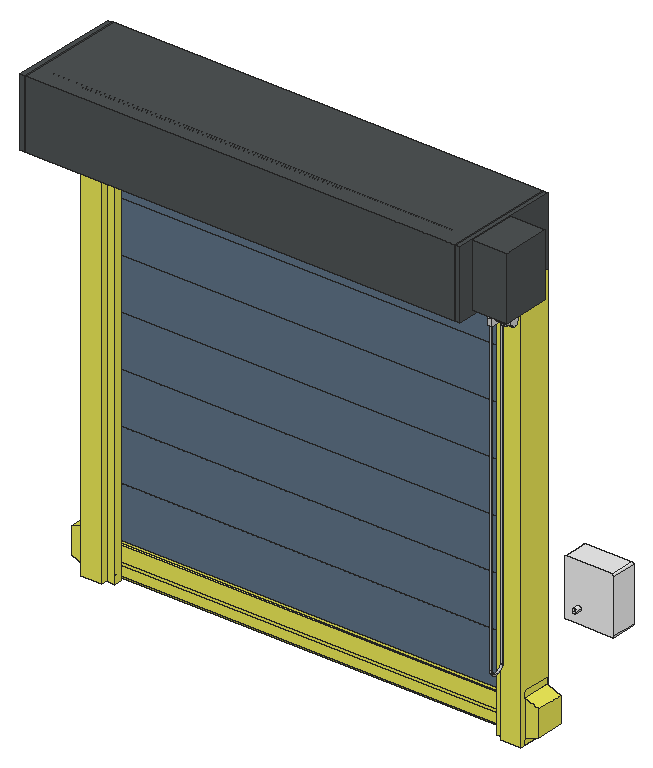
Revit family "High-Speed-Freezer-and-Cooler-Door_OHD_Model-997_compact", category Specialty Equipment, host Wall, Revit 2023
Family settings
  Host = Wall
  Round Connector Dimension = Use Diameter
  Part Type = Normal
  OmniClass Number = 23.30.10.21.34
  OmniClass Title = Industrial Doors
  Enable Cutting in Views = No
  Always vertical = Yes
  Cut with Voids When Loaded = No
  Maintain Annotation Orientation = No
  Shared = No
  Room Calculation Point = No
Parameters (values of type "230 volts, three phase, 60 Hz (208-245V range)")
  Voltage Option = if(Voltage = 230 V, 1, if(Voltage = 460 V, 2, 3))  # 1
  Version = "1.00.01"  # constant formula
  True Width [instance] = [Door Width (Real)]  # 10' - 0"
  True Height [instance] = [Door Height (Real)]  # 10' - 0"
  Slat Height = 1' - 4"  # constant formula
  Product Page URL = "https://www.overheaddoor.com/high-speed-doors-997"
  Powder Coat (Note) = "PowderGuard® Premium powder coat options are available in approximately 200 colors as well as custom matching to specification. "  # constant formula
  Panel Material [instance] = Insulated Vinyl - Overhead Door - Blue
  Panel Length [instance] = [Door Width (Real)] + 0' 5"  # 10' - 5"
  Motor Cover [instance] = yes
  Hood Material = Metal - Overhead Door - Black
  Headroom Height [instance] = if(and([Door Height (Real)] > 8' 0", Air Curtain Option < 3), 3' 6", 3' 0")  # 3' - 6"
  External Transformer [instance] = if(Air Curtain Option = 2, 1 = 1, 1 = 2)  # no
  Door Width (Real) [instance] = if(Door Width > Max Door Width, Max Door Width, if(Door Width < Min Door Width, Min Door Width, Door Width))  # 10' - 0"
  Door Height (Real) [instance] = if(Door Height > Max Door Height, Max Door Height, if(Door Height < Min Door Height, Min Door Height, Door Height))  # 10' - 0"
  Rough Width [instance] = [Door Width (Real)]  # 10' - 0"
  Rough Height [instance] = [Door Height (Real)] - 0' 10 1/2"  # 9' - 1 1/2"
  Opening Width [instance] = Rough Width  # 10' - 0"
  Opening Height [instance] = Rough Height  # 9' - 1 1/2"
  Voltage = 230 V
  URL = "https://www.overheaddoor.com/"
  Product data url = "https://www.bimobject.com/overhead-door/product/high-speed-freezer-and-cooler-door-997"
  Product Guid = "a3f41e05-2add-4918-b262-bbceaf8db0d3"
  Power Factor = 1
  Number of Poles = 3
  Model = "997"  # constant formula
  Min Door Width [instance] = 4' - 0"  # constant formula
  Min Door Height [instance] = 4' - 0"  # constant formula
  Max Door Width [instance] = 12' - 0"  # constant formula
  Max Door Height [instance] = 18' - 0"  # constant formula
  Manufacturer = "Overhead Door Corporation"  # constant formula
  Frequency = 60 Hz  # constant formula
  Wall Closure = By host
  Floor To (CL) of Shaft [instance] = [Door Height (Real)] + Headroom Height - 0' 5 59/128"  # 13' - 0 69/128"
  Default Elevation = 0' - 0"
  Date Updated = "2026/05/29"  # constant formula
  BimObject_Variable_Connectors = "No"  # constant formula
  Apparent Load Phase 3 [instance] = if(Number of Poles = 1, 0 VA, (Voltage * Current * sqrt(3)) / 3)  # 10623.2 VA
  Apparent Load Phase 2 [instance] = if(Number of Poles = 1, 0 VA, (Voltage * Current * sqrt(3)) / 3)  # 10623.2 VA
  Apparent Load Phase 1 [instance] = if(Number of Poles = 1, Voltage * Current, (Voltage * Current * sqrt(3)) / 3)  # 10623.2 VA
  Air Curtain Option [instance] = 1
  Additional Current W/O Air Curtain = if(Voltage = 460 V, 15 A, 20 A)  # 20 A
  Connector Description = "Rapidflex Large Control Panel"  # constant formula
  Finish Material = Finish - Overhead Door - Yellow
  Door Width [instance] = 10' - 0"
  Door Height [instance] = 10' - 0"
  Description = "RapidFreeze® Model 997 is an interior fabric high speed freezer and cooler door that features an insulated curtain to prevent heat loss and condensation in settings where temperatures vary greatly on either side of the door opening."  # constant formula
  Current [instance] = if(and(Voltage Option = 1, Air Curtain Option < 3), [Additional Current W/O Air Curtain] + 60 A, if(and(Voltage Option = 2, or(Air Curtain Option = 1, Air Curtain Option < 1)), [Additional Current W/O Air Curtain] + 30 A, if(and(Voltage Option = 2, Air Curtain Option = 2), [Additional Current W/O Air Curtain] + 60 A, if(and(Voltage Option = 3, or(Air Curtain Option = 1, Air Curtain Option < 1)), [Additional Current W/O Air Curtain] + 15 A, if(and(Voltage Option = 3, Air Curtain Option = 2), [Additional Current W/O Air Curtain] + 60 A, [Additional Current W/O Air Curtain])))))  # 80 A
  Backroom Depth [instance] = 2' - 10 1/2"  # constant formula
  Array [instance] = roundup((Rough Height + Headroom Height - 1' 9 41/128" - 0' 11 1/2") / Slat Height)  # 8
  Air Curtain Type [instance] = if(or(Air Curtain Option < 1, Air Curtain Option = 1), "Ambient Air Curtain", if(Air Curtain Option = 2, "Heated Air Curtain", "No Air Curtain"))  # "Ambient Air Curtain"
Types (3): name | Voltage Option | Voltage | Apparent Load Phase 3 | Apparent Load Phase 2 | Apparent Load Phase 1 | Additional Current W/O Air Curtain | Current
  230 volts, three phase, 60 Hz (208-245V range) | 1 | 230 V | 10623.2 VA | 10623.2 VA | 10623.2 VA | 20 A | 80 A
  460 volts, three phase, 60 Hz (456-495V range) | 2 | 460 V | 11951.2 VA | 11951.2 VA | 11951.2 VA | 15 A | 45 A
  575 volts, three phase, 60 Hz | 3 | 575 V | 11619.2 VA | 11619.2 VA | 11619.2 VA | 20 A | 35 A
Reference planes (in)
  plane 1 "Center (Front/Back)": y = 0
  plane 2 "Center (Left/Right)": x = 0
  plane 3 "Left": x = -60
  plane 4 "Right": x = 60
  plane 5 "Top": z = 120
  plane 6 "Exterior": y = 1.5
  plane 7 "Interior": y = -4.5
  plane 8: x = 60
  plane 9: x = -60
  plane 10: z = 109.5
  plane 11: z = 151.5
  plane 12 "Main": y = -9.75
  plane 13: y = -39
  plane 14 "Main Door Block": y = -4.5
  plane 15: z = 47.47
  plane 16: z = 11.5
  plane 17: z = 11.5
  plane 18: x = 62.5
  plane 19: x = -62.5
  plane 20: z = 27.5
  plane 21: z = 27.5
  plane 22: z = 43.5
  plane 23: y = -8.75
  plane 24: y = -10.815
  plane 25: z = 43.5
  plane 26: z = 59.5
  plane 27: z = 75.5
  plane 28: z = 91.5
  plane 29: z = 107.5
  plane 30: z = 123.5
Forms (in)
  Extrusion 1, solid, material "Insulated Vinyl - Overhead Door - Blue" <- "Panel Material"
    sketch origin (-62.5, -12, 0) x (0, 0, 1) y (0, -1, 0)
      loop
        line (27.5, -3.25) -> (27.5, -1.185) -> (11.5, -1.185) -> (11.5, -3.25) -> (27.5, -3.25)
    from 0 to 125 <- "Panel Length"
  Extrusion 2, solid, material "Insulated Vinyl - Overhead Door - Blue" <- "Panel Material"
    sketch origin (-62.5, -12, 16) x (0, 0, 1) y (0, -1, 0)
      loop
        line (27.5, -3.25) -> (27.5, -1.185) -> (11.5, -1.185) -> (11.5, -3.25) -> (27.5, -3.25)
    from 0 to 125 <- "Panel Length"
  Extrusion 3, solid, material "Insulated Vinyl - Overhead Door - Blue" <- "Panel Material"
    sketch origin (-62.5, -12, 32) x (0, 0, 1) y (0, -1, 0)
      loop
        line (27.5, -3.25) -> (27.5, -1.185) -> (11.5, -1.185) -> (11.5, -3.25) -> (27.5, -3.25)
    from 0 to 125 <- "Panel Length"
  Extrusion 4, solid, material "Insulated Vinyl - Overhead Door - Blue" <- "Panel Material"
    sketch origin (-62.5, -12, 48) x (0, 0, 1) y (0, -1, 0)
      loop
        line (27.5, -3.25) -> (27.5, -1.185) -> (11.5, -1.185) -> (11.5, -3.25) -> (27.5, -3.25)
    from 0 to 125 <- "Panel Length"
  Extrusion 5, solid, material "Insulated Vinyl - Overhead Door - Blue" <- "Panel Material"
    sketch origin (-62.5, -12, 64) x (0, 0, 1) y (0, -1, 0)
      loop
        line (27.5, -3.25) -> (27.5, -1.185) -> (11.5, -1.185) -> (11.5, -3.25) -> (27.5, -3.25)
    from 0 to 125 <- "Panel Length"
  Extrusion 6, solid, material "Insulated Vinyl - Overhead Door - Blue" <- "Panel Material"
    sketch origin (-62.5, -12, 80) x (0, 0, 1) y (0, -1, 0)
      loop
        line (27.5, -3.25) -> (27.5, -1.185) -> (11.5, -1.185) -> (11.5, -3.25) -> (27.5, -3.25)
    from 0 to 125 <- "Panel Length"
  Extrusion 7, solid, material "Insulated Vinyl - Overhead Door - Blue" <- "Panel Material"
    sketch origin (-62.5, -12, 96) x (0, 0, 1) y (0, -1, 0)
      loop
        line (27.5, -3.25) -> (27.5, -1.185) -> (11.5, -1.185) -> (11.5, -3.25) -> (27.5, -3.25)
    from 0 to 125 <- "Panel Length"
  Extrusion 8, solid, material "Insulated Vinyl - Overhead Door - Blue" <- "Panel Material"
    sketch origin (-62.5, -12, 112) x (0, 0, 1) y (0, -1, 0)
      loop
        line (27.5, -3.25) -> (27.5, -1.185) -> (11.5, -1.185) -> (11.5, -3.25) -> (27.5, -3.25)
    from 0 to 125 <- "Panel Length"
Lines and regions (in)
  Opening 1
    outline origin (-90, -4.5, 0) x (1, 0, 0) y (0, 0, 1)
      loop
        line (30, 0) -> (150, 0) -> (150, 109.5) -> (30, 109.5) -> (30, 0)
Text (in)
  text "Exterior" at (-74.96733, 27.31104, 0), in view "Ref. Level"
  text "Interior" at (-74.96733, -25.14366, 0), in view "Ref. Level"
  text "Exterior" at (0, 40.15149, 123.01588), in view "Right"
  text "Interior" at (0, -64.39139, 123.01588), in view "Right"
  text "Interior" at (0, -31.01599, 123.00693), in view "Left"
  text "Exterior" at (0, 54.57065, 123.00693), in view "Left"
Dimensions and locks (in)
  equal spacing: plane 3 "Left", plane 2 "Center (Left/Right)", plane 4 "Right"
  "Door Height (Real)": level to plane 5 "Top"
  "Door Width (Real)": plane 3 "Left" to plane 4 "Right"
  host wall to plane 5 "Top" = 10' - 0"
  level to host wall = 38' - 3.59655"
  "Rough Height": level to plane 10
  equal spacing: plane 9, plane 2 "Center (Left/Right)", plane 8
  "Rough Width": plane 8 to plane 9
  "Headroom Height": plane 10 to plane 11
  "Backroom Depth": plane 7 "Interior" to plane 13
  plane 10 to level = 9' - 1 1/2"
  locked: plane 14 "Main Door Block" to plane 12 "Main" at 5.25
  plane 1 "Center (Front/Back)" to plane 7 "Interior" = 0' - 4 1/2"
  locked: Extrusion 1 sketch curve to Extrusion 1 sketch curve at 2.065
  locked: Extrusion 1 sketch curve to plane 17 at 16
  locked: plane 9 to plane 19 at 2.5
  locked: plane 18 to plane 8 at 2.5
  locked: Extrusion 2 sketch curve to Extrusion 2 sketch curve at 2.065
  locked: Extrusion 2 sketch curve to plane 20 at 16
  equal spacing: group 1, group 2, group 3, group 4, group 5, group 6, group 7, group 8  (x3)
  locked: plane 16 to nested 1 at 11.5
  "Slat Height": plane 21 to plane 16
  "Slat Height": plane 22 to plane 21
  locked: plane 16 to level at 11.5
  locked: plane 23 to plane 12 "Main" at 1
  locked: plane 23 to plane 24 at 2.065
  locked: plane 6 "Exterior" to plane 1 "Center (Front/Back)" at 1.5
  locked: Extrusion 3 sketch curve to Extrusion 3 sketch curve at 2.065
  locked: Extrusion 3 sketch curve to plane 25 at 16
  locked: Extrusion 4 sketch curve to Extrusion 4 sketch curve at 2.065
  locked: Extrusion 4 sketch curve to plane 26 at 16
  equal spacing: plane 8, plane 2 "Center (Left/Right)", plane 9
  nested 1 to plane 10 = 1' - 8 87/128"
  locked: Extrusion 5 sketch curve to Extrusion 5 sketch curve at 2.065
  locked: Extrusion 5 sketch curve to plane 27 at 16
  locked: Extrusion 6 sketch curve to Extrusion 6 sketch curve at 2.065
  locked: Extrusion 6 sketch curve to plane 28 at 16
  locked: Extrusion 7 sketch curve to Extrusion 7 sketch curve at 2.065
  locked: Extrusion 7 sketch curve to plane 29 at 16
  locked: Extrusion 8 sketch curve to Extrusion 8 sketch curve at 2.065
  locked: Extrusion 8 sketch curve to plane 30 at 16
  aligned and locked: Opening 1 sketch curve to level
  aligned and locked: plane 6 "Exterior" to host wall
  aligned and locked: host wall to plane 7 "Interior"
  aligned and locked: plane 9 to Opening 1 sketch curve
  aligned and locked: plane 8 to Opening 1 sketch curve
  aligned and locked: Opening 1 sketch curve to plane 10
  aligned and locked: nested 1 to plane 7 "Interior"
  aligned and locked: nested 1 to plane 2 "Center (Left/Right)"
  aligned and locked: level to nested 1
  aligned and locked: plane 14 "Main Door Block" to plane 7 "Interior"
  aligned and locked: Extrusion 1 to plane 16
  aligned and locked: Extrusion 2 to plane 21
  aligned and locked: plane 22 to Extrusion 2
  aligned and locked: plane 24 to Extrusion 2
  aligned and locked: plane 24 to Extrusion 1
  aligned and locked: Extrusion 1 to plane 19
  aligned and locked: Extrusion 2 to plane 19
Automatic sketch dimensions
  Extrusion 1 sketch curve to plane 17 = 0' - 0"
  Extrusion 2 sketch curve to plane 20 = 0' - 0"
  Extrusion 3 sketch curve to plane 25 = 0' - 0"
  Extrusion 4 sketch curve to plane 26 = 0' - 0"
  Extrusion 5 sketch curve to plane 27 = 0' - 0"
  Extrusion 6 sketch curve to plane 28 = 0' - 0"
  Extrusion 7 sketch curve to plane 29 = 0' - 0"
  Extrusion 8 sketch curve to plane 30 = 0' - 0"
Nested families (in)
  nested 1: "Lifts" at (0, -4.5, 0) x (-1, 0, 0) z (0, 0, 1), Motor Cover <- "Motor Cover", Air Curtain Option <- "Air Curtain Option", type "Frame Unit"
    with Spool Radius 1' - 2", Rod 2 no, Rod 1 no, Right Motor Position yes, No Air Curtain yes, Motor Cover Off no, Motor Cover yes, Masking Region Right Motor no, Masking Region Left Motor no, Left Motor Position no, Header Option 1, Floor To (CL) of Shaft 12' - 2.04", Electric Operator Position 14' - 8.16", Air Curtain Option 1
Connectors (in)
  electrical at (88.08, -12.04, 48), driven by "Number of Poles", driven by "Voltage", driven by "Apparent Load Phase 1", driven by "Power Factor", driven by "Connector Description", driven by "Apparent Load Phase 2", driven by "Apparent Load Phase 3"
    settings: on nested 1, index 1, voltage 230 V, apparent load 0 VA, apparent load phase1 10623.2 VA, apparent load phase2 10623.2 VA, apparent load phase3 10623.2 VA, power factor 1, load classification "Other", number of poles 3, system type 31, power factor state 1, is connector primary yes, connector utility no, sub classification motor no, connector description "Rapidflex Large Control Panel"
Definition of nested family "Lifts"
  Parameters (values of type "Frame Unit")
    Spool Radius [instance] = if(or(Header Option < 1, Header Option = 1), 1' 2", 1' 5.7")  # 1' - 5.7"
    Shaft Material = none
    Rod 2 [instance] = if(and(not(Motor Cover), Right Motor Position), 1 = 1, 1 = 2)  # no
    Rod 1 [instance] = if(and(not(Motor Cover), Left Motor Position), 1 = 1, 1 = 2)  # no
    Right Motor Position [instance] = yes
    Opening Width = 10' - 0"
    No Air Curtain [instance] = if(Air Curtain Option > 2, 1 = 2, 1 = 1)  # yes
    Naked Header = not(Hood Option)  # no
    Motor Cover Off [instance] = not(Motor Cover)  # no
    Motor Cover [instance] = yes
    Masking Region Right Motor [instance] = if(and(Right Motor Position, Motor Cover Off), 1 = 1, 1 = 2)  # no
    Masking Region Left Motor [instance] = if(and(Left Motor Position, Motor Cover Off), 1 = 1, 1 = 2)  # no
    Left Motor Position [instance] = yes
    Hood Option = yes
    Hood Material = none
    Headroom Height = 3' - 6"
    Header Width = 2' - 10 1/2"
    Header Option [instance] = 2
    Header Height = 1' - 9 41/128"
    Guid Width = 0' - 9"
    External Transformer = no
    Electric Operator Position [instance] = if(Right Motor Position, (2' 4.08" * 2 + Opening Width), 0' 0")  # 14' - 8.16"
    Clearance = yes
    Opening Height = 9' - 1 1/2"
    Floor To (CL) of Shaft [instance] = Opening Height + Headroom Height - 0' 5.46"  # 12' - 2.04"
    Finish Material = none
    Analytic Construction = "<None>"
    Air Curtain Option [instance] = 1
  Reference planes (in)
    plane 1 "Center (Front/Back)": y = 0
    plane 2: z = 0
    plane 3 "Center (Left/Right)": x = 0
    plane 4 "Left": x = -60
    plane 5 "Right": x = 60
    plane 6 "Center Line of Shaft": z = 146.04
    plane 7 "Headroom Top": z = 151.5
    plane 8 "Opening Height": z = 109.5
    plane 9: x = -78
    plane 10 "Shaft": x = -75.54413
    plane 11 "Box": x = -88.08
    plane 12 "EBOX": z = 48
    plane 13: z = 39.09375
    plane 14: z = 56.90625
    plane 15: z = 43.5
    plane 16: y = 14.53
    plane 17: y = 7.54
    plane 18: z = 130.17969
    plane 19: y = 34.5
    plane 20: x = 78
    plane 21: x = 69
    plane 22: x = -69
    plane 23: x = -80.33
    plane 24: x = -95.83
    plane 25 "Center L/NN": x = 88.08
    plane 26: y = 5.2825
    plane 27: x = 62.5
    plane 28: x = -62.5
    plane 29: y = 0.437
    plane 30: y = 9.6225
    plane 31: y = 8.6825
    plane 32: y = 10.5625
    plane 33: y = 10.5625
    plane 34: y = 9.067
    plane 35: x = 58.5
    plane 36: x = -58.5
    plane 37: x = 70.5
    plane 38: x = -78
    plane 39: y = -21.1994
    plane 40: y = -20.6994
  Forms (in)
    Extrusion 1, solid, material <- "Shaft Material"
      sketch origin (0, 0, 0) x (0, 1, 0) y (0, 0, 1)
        loop
          circle (20.3, 146.04) r 0.78
      from -78 to 70.5
    Extrusion 2, solid, material <- "Hood Material"
      sketch origin (60, 0, 0) x (0, -1, 0) y (0, 0, 1)
        loop
          circle (-20.3, 146.04) r 2.5
      from -6.97 to -8.254
    Extrusion 3, solid
      sketch origin (-1.95651, 0, 0) x (1, 0, 0) y (0, 0, 1)
        loop
          line (-78.87349, 56.90625) -> (-93.37349, 56.90625)
          arc (-93.37349, 56.90625) -> (-93.72704, 56.7598) -> (-93.87349, 56.40625) r 0.5
          line (-93.87349, 56.40625) -> (-93.87349, 39.59375)
          arc (-93.87349, 39.59375) -> (-93.72704, 39.2402) -> (-93.37349, 39.09375) r 0.5
          line (-93.37349, 39.09375) -> (-78.87349, 39.09375)
          arc (-78.87349, 39.09375) -> (-78.51993, 39.2402) -> (-78.37349, 39.59375) r 0.5
          line (-78.37349, 39.59375) -> (-78.37349, 56.40625)
          arc (-78.37349, 56.40625) -> (-78.51993, 56.7598) -> (-78.87349, 56.90625) r 0.5
      from -7.54 to 0
    Revolve 4, solid, visible <- "Right Motor Position"
      sketch origin (-55.03203, -180, 43.5) x (-1, 0, 0) y (0, -1, 0)
        loop
          line (29.68797, -187.54) -> (28.93797, -187.54) -> (29.08797, -189.312) -> (29.68797, -189.312) -> (29.68797, -187.54)
        axis (29.68797, -187.54) -> (29.68797, -189.312)
      angle from 0 to 360
    Extrusion 5, solid, material <- "Finish Material"
      sketch origin (0, 0, 0) x (1, 0, 0) y (0, 1, 0)
        loop
          line (-69, 0) -> (-62.5, 0) -> (-62.5, 1.75) -> (-60, 1.75) -> (-60, 4.25) -> (-63.25, 4.25) -> (-63.25, 6.3125) -> (-60, 6.3125) -> (-60, 8.8125) -> (-62.5, 8.8125) -> (-62.5, 10.5625) -> (-69, 10.5625) -> (-69, 0)
        loop
          line (69, 0) -> (69, 10.5625) -> (62.5, 10.5625) -> (62.5, 8.8125) -> (60, 8.8125) -> (60, 6.3125) -> (63.25, 6.3125) -> (63.25, 4.25) -> (60, 4.25) -> (60, 1.75) -> (62.5, 1.75) -> (62.5, 0) -> (69, 0)
      from 0 to 130.17969
    Extrusion 6, solid, material <- "Hood Material", visible <- "Hood Option"
      sketch origin (0, 0, 0) x (0, 1, 0) y (0, 0, 1)
        loop
          line (0, 130.17969) -> (34.5, 130.17969) -> (34.5, 151.5) -> (0, 151.5) -> (0, 130.17969)
      from -67.475 to 67.475
    Extrusion 7, solid, material <- "Hood Material"
      sketch origin (0, 0, 0) x (1, 0, 0) y (0, 1, 0)
        loop
          line (69, 0) -> (69, 34.5) -> (67.475, 34.5) -> (67.475, 0) -> (69, 0)
        loop
          line (-69, 0) -> (-67.475, 0) -> (-67.475, 34.5) -> (-69, 34.5) -> (-69, 0)
      from 130.17969 to 151.5
    Extrusion 8, solid, material <- "Hood Material"
      sketch origin (-60, -60, 48) x (0, -1, 0) y (0, 0, 1)
        loop
          circle (-80.3, 98.04) r 2.5
      from 6.97 to 8.254
    Extrusion 9, solid, visible <- "External Transformer"
      sketch origin (0, 0, 48) x (1, 0, 0) y (0, 1, 0)
        loop
          line (-93.08, 0) -> (-83.08, 0) -> (-83.08, 0.125) -> (-84.58, 0.125) -> (-84.58, 7) -> (-91.58, 7) -> (-91.58, 0.125) -> (-93.08, 0.125) -> (-93.08, 0)
      from -22 to -10
    Extrusion 10, solid, material <- "Shaft Material"
      sketch origin (0, 0, 0) x (0, 1, 0) y (0, 0, 1)
        loop
          circle (7.77, 136.22) r 0.78
      from -70.5 to 70.5
    Extrusion 11, solid, material <- "Finish Material"
      sketch origin (0, 0, 0) x (0, 1, 0) y (0, 0, 1)
        loop
          arc (5.28066, 0.24186) -> (5.87463, 0.48789) -> (6.12066, 1.08186) r 0.84
          line (6.12066, 1.08186) -> (6.12066, 4.45647) -> (6.3125, 4.45647) -> (6.3125, 5.24849) -> (6.1825, 5.24849) -> (6.1825, 9.94196) -> (5.70511, 10.15451) -> (5.70511, 11.5) -> (4.95511, 11.5) -> (4.95511, 10.11927) -> (4.45511, 10.11927) -> (4.37974, 9.75525) -> (4.37974, 5.24849) -> (4.25, 5.24849) -> (4.25, 4.45647) -> (4.44434, 4.45647) -> (4.44434, 1.08186)
          arc (4.44434, 1.08186) -> (4.69037, 0.48789) -> (5.28434, 0.24186) r 0.84
      from -62.5 to 62.5
    Extrusion 12, solid, material <- "Finish Material"
      sketch origin (0, 0, 0) x (1, 0, 0) y (0, 0, 1)
        loop
          line (69, 15.5) -> (69, 0.24186) -> (69.12104, 0.24186) -> (69.12104, 2.04186) -> (73.24004, 3.80897) -> (73.24004, 11.933) -> (69.12104, 13.7) -> (69.12104, 15.5) -> (69, 15.5)
        loop
          line (-69, 15.5) -> (-69.12104, 15.5) -> (-69.12104, 13.7) -> (-73.24004, 11.933) -> (-73.24004, 3.80897) -> (-69.12104, 2.04186) -> (-69.12104, 0.24186) -> (-69, 0.24186) -> (-69, 15.5)
      from -9.067 to -0.437
    Extrusion 13, solid, material <- "Hood Material", visible <- "No Air Curtain"
      sketch origin (0, 0, 0) x (0, 1, 0) y (0, 0, 1)
        loop
          line (15.095, 121.13969) -> (21.144, 121.13969) -> (23.595, 125.66419) -> (21.144, 130.17969) -> (15.095, 130.17969) -> (15.095, 121.13969)
      from -58.5 to 58.5
    Extrusion 14, solid, material <- "Hood Material"
      sketch origin (60, -12, 0) x (0, -1, 0) y (0, 0, 1)
        loop
          circle (-19.77, 136.22) r 2.5
      from -6.97 to -8.254
    Extrusion 15, solid, material <- "Hood Material"
      sketch origin (-60, -72.25, 48) x (0, -1, 0) y (0, 0, 1)
        loop
          circle (-80.02, 88.22) r 2.5
      from 6.97 to 8.254
    Extrusion 16, void
      sketch origin (-94.955, 0.125, 48) x (1, 0, 0) y (0, 0, -1)
        loop
          line (11.875, 11) -> (10.375, 11) -> (10.375, 10) -> (14.02973, 10) -> (14.02973, 22) -> (10.375, 22) -> (10.375, 15.5) -> (11.875, 15.5) -> (11.875, 11)
        loop
          line (1.875, 15.5) -> (3.375, 15.5) -> (3.375, 22) -> (0.02973, 22) -> (0.02973, 10) -> (3.375, 10) -> (3.375, 11) -> (1.875, 11) -> (1.875, 15.5)
      from -0.125 to 6.875
  Cuts and joins
    Extrusion 16 cuts Extrusion 9
  Lines and regions (in)
    Masking region 1
      outline origin (0, 0, 0) x (1, 0, 0) y (0, 1, 0)
        loop
          line (-95.83, 0) -> (-80.33, 0) -> (-80.33, 7.54) -> (-95.83, 7.54) -> (-95.83, 0)
    Masking region 2, visible <- "Right Motor Position"
      outline origin (0, 0, 0) x (1, 0, 0) y (0, 1, 0)
        loop
          line (-83.97, 7.54) -> (-84.12, 9.312) -> (-85.32, 9.312) -> (-85.47, 7.54) -> (-83.97, 7.54)
    Masking region 3, visible <- "Hood Option"
      outline origin (0, 0, 0) x (1, 0, 0) y (0, 1, 0)
        loop
          line (69, 34.5) -> (-69, 34.5) -> (-69, 0) -> (69, 0) -> (69, 34.5)
    Masking region 4, visible <- "Naked Header"
      outline origin (0, 0, 0) x (1, 0, 0) y (0, 1, 0)
        loop
          line (-59.1721, 4.9297) -> (-59, 4.80919) -> (-59, 3.43021) -> (-59.1721, 3.3097) -> (59.1721, 3.3097) -> (59, 3.43021) -> (59, 4.80919) -> (59.1721, 4.9297) -> (-59.1721, 4.9297)
    Masking region 5, visible <- "Right Motor Position"
      outline origin (0, 0, 0) x (1, 0, 0) y (0, 1, 0)
        loop
          line (69, 21.08) -> (69, 19.52) -> (70.5, 19.52) -> (70.5, 21.08) -> (69, 21.08)
    Masking region 6
      outline origin (0, 0, 0) x (1, 0, 0) y (0, 1, 0)
        loop
          line (70.5, 8.55) -> (69, 8.55) -> (69, 6.98114) -> (70.5, 6.98114) -> (70.5, 8.55)
    Masking region 7, built-in parameter 1006206 <- "Left Motor Position"
      outline origin (0, 0, 0) x (1, 0, 0) y (0, 1, 0)
        loop
          line (-70.5, 8.55) -> (-70.5, 6.99454) -> (-69, 6.99454) -> (-69, 8.55) -> (-70.5, 8.55)
    Masking region 8, visible <- "Rod 2"
      outline origin (0, 0, 0) x (0, 1, 0) y (-1, 0, 0)
        loop
          line (21.08, 78) -> (19.52, 78) -> (19.52, 77.23047) -> (20.39891, 77.23047) -> (20.39891, 76.69922) -> (21.08, 76.69922) -> (21.08, 78)
        loop
          line (21.08, 69) -> (21.08, 70.92348) -> (20.90422, 70.92348) -> (20.90422, 72.158) -> (21.08, 72.158) -> (21.08, 72.758) -> (20.39, 72.758) -> (20.39, 72.218) -> (19.52, 72.218) -> (19.52, 69) -> (21.08, 69)
    Masking region 9
      outline origin (0, 0, 0) x (1, 0, 0) y (0, 1, 0)
        loop
          line (69, 9.067) -> (69, 8.55) -> (70.5, 8.55) -> (70.5, 6.98114) -> (69, 6.98114) -> (69, 0.437) -> (73.24004, 0.437) -> (73.24004, 9.067) -> (69, 9.067)
    Masking region 10
      outline origin (0, 0, 0) x (1, 0, 0) y (0, 1, 0)
        loop
          line (-69, 9.067) -> (-73.24004, 9.067) -> (-73.24004, 0.437) -> (-69, 0.437) -> (-69, 6.99454) -> (-70.5, 6.99454) -> (-70.5, 8.55) -> (-69, 8.55) -> (-69, 9.067)
    symbolic lines
      curve 1: line (-67.475, 34.5, 0) -> (-67.475, 0, 0)
      curve 2: line (67.475, 0, 0) -> (67.475, 34.5, 0)
  Dimensions and locks (in)
    equal spacing: plane 4 "Left", plane 3 "Center (Left/Right)", plane 5 "Right"
    "Opening Width": plane 4 "Left" to plane 5 "Right"
    "Opening Height": plane 8 "Opening Height" to level
    locked: level to plane 12 "EBOX" at 48
    locked: plane 11 "Box" to Revolve 4 sketch curve at 3.36
    equal spacing: plane 14, plane 12 "EBOX", plane 13
    locked: plane 12 "EBOX" to plane 15 at 4.5
    locked: plane 13 to plane 14 at 17.8125
    locked: plane 10 "Shaft" to plane 4 "Left" at 15.54413
    locked: plane 17 to plane 1 "Center (Front/Back)" at 7.54
    locked: Revolve 4 sketch curve to Revolve 4 sketch curve at 0.6
    locked: Revolve 4 sketch curve to Revolve 4 sketch curve at 0.75
    locked: plane 17 to Revolve 4 sketch curve at 1.772
    "Guid Width": Extrusion 5 sketch curve to plane 4 "Left"
    locked: plane 1 "Center (Front/Back)" to Extrusion 5 sketch curve at 10.5625  (x2)
    "Header Width": plane 1 "Center (Front/Back)" to Extrusion 6 sketch curve
    locked: Extrusion 6 to plane 4 "Left" at 7.475
    locked: plane 5 "Right" to Extrusion 6 at 7.475
    "Header Width": plane 1 "Center (Front/Back)" to Extrusion 7 sketch curve  (x2)
    "Header Width": plane 1 "Center (Front/Back)" to plane 19
    "Floor To (CL) of Shaft": plane 6 "Center Line of Shaft" to level
    plane 1 "Center (Front/Back)" to plane 16 = 1' - 2.53"
    locked: plane 22 to nested 1 at 5.729
    "Guid Width": plane 4 "Left" to plane 22
    "Guid Width": plane 5 "Right" to plane 21
    locked: plane 22 to Extrusion 7 sketch curve at 1.525
    locked: Extrusion 2 to plane 21 at 0.746
    locked: plane 22 to Extrusion 8 at 0.746
    locked: plane 11 "Box" to plane 24 at 7.75
    locked: plane 23 to plane 11 "Box" at 7.75
    locked: Masking region 5 sketch curve to Masking region 5 sketch curve at 1.56
    locked: plane 1 "Center (Front/Back)" to Extrusion 9 sketch curve at 0.125
    plane 11 "Box" to Extrusion 9 sketch curve = 0' - 3 1/2"
    Extrusion 9 sketch curve to plane 11 "Box" = 0' - 3 1/2"
    plane 1 "Center (Front/Back)" to Extrusion 9 sketch curve = 0' - 7"
    equal spacing: Masking region 1 sketch curve, plane 11 "Box", Masking region 1 sketch curve
    locked: Masking region 1 sketch curve to Masking region 1 sketch curve at 15.5
    Extrusion 1 sketch curve to plane 19 = 1' - 2.2"
    locked: Extrusion 2 sketch curve to plane 19 at 14.2
    locked: Extrusion 8 sketch curve to plane 19 at 14.2
    locked: plane 7 "Headroom Top" to Extrusion 10 sketch curve at 15.28
    Extrusion 10 sketch curve to plane 19 = 2' - 2.73"
    locked: Extrusion 5 sketch curve to plane 4 "Left" at 2.5
    locked: plane 5 "Right" to Extrusion 5 sketch curve at 2.5
    "Guid Width": plane 5 "Right" to Extrusion 5 sketch curve
    Extrusion 5 to plane 20 = 1' - 6"
    plane 9 to Extrusion 5 = 1' - 6"
    "Electric Operator Position": plane 25 "Center L/NN" to plane 11 "Box"
    locked: plane 5 "Right" to plane 25 "Center L/NN" at 28.08
    "Headroom Height": plane 7 "Headroom Top" to plane 8 "Opening Height"
    plane 7 "Headroom Top" to plane 6 "Center Line of Shaft" = 0' - 5.46"
    "Header Height": plane 7 "Headroom Top" to plane 18
    locked: plane 4 "Left" to plane 28 at 2.5
    locked: plane 5 "Right" to plane 27 at 2.5
    locked: Extrusion 12 sketch curve to Extrusion 12 sketch curve at 1.8  (x3)
    locked: Extrusion 12 sketch curve to level at 0.24186
    locked: Extrusion 12 sketch curve to plane 21 at 0.12104
    locked: Extrusion 12 sketch curve to Extrusion 12 sketch curve at 15.25814  (x2)
    locked: Extrusion 12 sketch curve to plane 21 at 4.24004
    locked: Extrusion 12 sketch curve to plane 2 at 0.24186
    locked: plane 22 to Extrusion 12 sketch curve at 4.24004
    locked: plane 29 to plane 1 "Center (Front/Back)" at 0.437
    locked: plane 34 to plane 29 at 8.63
    locked: plane 18 to Extrusion 13 sketch curve at 9.04
    locked: plane 1 "Center (Front/Back)" to Extrusion 13 sketch curve at 15.095
    locked: Extrusion 13 sketch curve to Extrusion 13 sketch curve at 4.5245
    locked: Extrusion 13 sketch curve to Extrusion 13 sketch curve at 6.049
    locked: Extrusion 13 sketch curve to Extrusion 13 sketch curve at 8.5
    locked: plane 35 to plane 5 "Right" at 1.5
    locked: plane 4 "Left" to plane 36 at 1.5
    locked: Extrusion 10 to plane 22 at 1.5
    locked: plane 21 to Extrusion 10 at 1.5
    locked: Masking region 8 sketch curve to plane 22 at 1.92348
    locked: Masking region 8 sketch curve to Masking region 8 sketch curve at 1.23452
    locked: Masking region 8 sketch curve to Masking region 8 sketch curve at 0.6
    locked: Extrusion 1 to Masking region 8 sketch curve at 1.30078
    locked: Masking region 8 sketch curve to Masking region 8 sketch curve at 0.68109
    locked: plane 19 to Extrusion 14 sketch curve at 26.73
    locked: plane 7 "Headroom Top" to Extrusion 14 sketch curve at 15.28
    locked: plane 7 "Headroom Top" to Extrusion 15 sketch curve at 15.28
    locked: plane 19 to Extrusion 15 sketch curve at 26.73
    locked: Masking region 8 sketch curve to Masking region 8 sketch curve at 0.87
    locked: plane 38 to plane 4 "Left" at 18
    locked: Masking region 8 sketch curve to Masking region 8 sketch curve at 3.218
    locked: plane 38 to Masking region 8 sketch curve at 0.76953
    locked: plane 21 to Masking region 9 sketch curve at 4.24004
    locked: plane 21 to Masking region 9 sketch curve at 1.5
    locked: Masking region 9 sketch curve to plane 34 at 0.517
    locked: Masking region 9 sketch curve to Masking region 9 sketch curve at 1.56886
    locked: Masking region 10 sketch curve to plane 22 at 4.24004
    locked: Masking region 10 sketch curve to plane 22 at 1.5
    locked: Masking region 10 sketch curve to plane 34 at 0.517
    locked: Masking region 10 sketch curve to Masking region 10 sketch curve at 1.55546
    locked: Extrusion 11 sketch curve to level at 11.5
    locked: Extrusion 11 sketch curve to plane 26 at 0.32739
    locked: Extrusion 11 sketch curve to Extrusion 11 sketch curve at 0.75
    locked: Extrusion 11 sketch curve to level at 4.45647
    locked: Extrusion 11 sketch curve to Extrusion 11 sketch curve at 0.79203
    locked: Extrusion 11 sketch curve to Extrusion 11 sketch curve at 1.67631
    locked: plane 37 to plane 21 at 1.5
    locked: Extrusion 9 sketch curve to plane 11 "Box" at 5
    locked: plane 11 "Box" to Extrusion 9 sketch curve at 5
    Extrusion 16 sketch curve to Extrusion 9 = 0' - 6 1/2"
    locked: Extrusion 7 sketch curve to plane 21 at 1.525
    locked: Extrusion 1 sketch curve to Extrusion 1 sketch curve (radius 0' - 0.78")
    radius of Extrusion 10 sketch curve = 0' - 0.78"
    locked: Revolve 4 to Masking region 2 sketch curve (angle 85.1614°)
    locked: Masking region 2 sketch curve to Revolve 4 (angle 85.1614°)
    locked: Extrusion 12 sketch curve to Extrusion 12 sketch curve (angle 113.219°)  (x2)
    locked: Extrusion 12 sketch curve to Extrusion 12 sketch curve (angle 113.22°)  (x2)
    aligned and locked: plane 2 to level
    aligned and locked: plane 6 "Center Line of Shaft" to Extrusion 1 sketch curve
    aligned and locked: Extrusion 3 to plane 1 "Center (Front/Back)"
    aligned and locked: Extrusion 3 sketch curve to plane 13
    aligned and locked: plane 14 to Extrusion 3 sketch curve
    aligned and locked: Revolve 4 sketch curve to Revolve 4 sketch curve
    aligned and locked: Revolve 4 sketch curve to plane 17
    aligned and locked: plane 1 "Center (Front/Back)" to Extrusion 6 sketch curve
    aligned and locked: Extrusion 6 sketch curve to plane 7 "Headroom Top"
    aligned and locked: Extrusion 6 to plane 18
    aligned and locked: plane 18 to Extrusion 6 sketch curve
    aligned and locked: plane 18 to Extrusion 5
    aligned and locked: Extrusion 7 sketch curve to plane 1 "Center (Front/Back)"  (x2)
    aligned and locked: plane 7 "Headroom Top" to Extrusion 7
    aligned and locked: Extrusion 7 to plane 18
    aligned and locked: Extrusion 3 to Masking region 1 sketch curve
    aligned and locked: Masking region 1 sketch curve to Extrusion 3
    aligned and locked: Masking region 2 sketch curve to Revolve 4  (x2)
    aligned and locked: curve 1 to Extrusion 6  (x2)
    aligned and locked: curve 2 to Extrusion 6
    aligned and locked: Masking region 3 sketch curve to Extrusion 6
    aligned and locked: Extrusion 6 to curve 2
    aligned and locked: Extrusion 7 sketch curve to plane 22
    aligned and locked: Extrusion 7 sketch curve to plane 21
    aligned and locked: Masking region 3 sketch curve to plane 22
    aligned and locked: plane 21 to Masking region 3 sketch curve
    aligned and locked: Masking region 3 sketch curve to plane 19
    aligned and locked: plane 23 to Extrusion 3 sketch curve
    aligned and locked: plane 24 to Extrusion 3 sketch curve
    aligned and locked: Masking region 5 sketch curve to Extrusion 1
    aligned and locked: Extrusion 9 sketch curve to plane 1 "Center (Front/Back)"
    aligned and locked: Extrusion 9 sketch curve to Extrusion 9 sketch curve
    aligned and locked: plane 7 "Headroom Top" to nested 1
    aligned and locked: Extrusion 5 sketch curve to plane 1 "Center (Front/Back)"  (x2)
    aligned and locked: plane 21 to Extrusion 5 sketch curve
    aligned and locked: plane 5 "Right" to Extrusion 5 sketch curve  (x2)
    aligned and locked: plane 4 "Left" to Extrusion 5 sketch curve  (x2)
    aligned and locked: Extrusion 5 sketch curve to Extrusion 5 sketch curve  (x2)
    aligned and locked: Extrusion 11 to plane 28
    aligned and locked: plane 27 to Extrusion 11
    aligned and locked: plane 21 to Extrusion 12 sketch curve
    aligned and locked: Extrusion 12 sketch curve to Extrusion 12 sketch curve
    aligned and locked: Extrusion 12 sketch curve to plane 22
    aligned and locked: plane 29 to Extrusion 12
    aligned and locked: Extrusion 12 to plane 34
    aligned and locked: Extrusion 13 to plane 35
    aligned and locked: plane 36 to Extrusion 13
    aligned and locked: Masking region 7 sketch curve to Extrusion 10
    aligned and locked: Masking region 7 sketch curve to plane 22
    aligned and locked: Masking region 5 sketch curve to plane 21
    aligned and locked: plane 22 to Masking region 8 sketch curve
    aligned and locked: Masking region 6 sketch curve to plane 21
    aligned and locked: Extrusion 1 to plane 37
    aligned and locked: plane 38 to Extrusion 1
    aligned and locked: Masking region 5 sketch curve to plane 37
    aligned and locked: Masking region 8 sketch curve to plane 38
    aligned and locked: plane 34 to Masking region 9 sketch curve
    aligned and locked: Masking region 9 sketch curve to plane 29
    aligned and locked: Masking region 9 sketch curve to plane 21  (x2)
    aligned and locked: Masking region 10 sketch curve to plane 34
    aligned and locked: Masking region 10 sketch curve to plane 22  (x2)
    aligned and locked: plane 29 to Masking region 10 sketch curve
    aligned and locked: Extrusion 11 sketch curve to Extrusion 11 sketch curve  (x2)
    aligned and locked: Extrusion 16 sketch curve to Extrusion 16 sketch curve
  Automatic sketch dimensions
    plane 19 to curve 2 = 0' - 0"
    plane 19 to curve 1 = 0' - 0"
    Extrusion 2 sketch curve to plane 6 "Center Line of Shaft" = 0' - 0"
    Extrusion 3 sketch curve to Extrusion 3 sketch curve = 0' - 0 1/2"
    Extrusion 3 sketch curve to plane 14 = 0' - 0 1/2"
    Extrusion 3 sketch curve to plane 23 = 0' - 0 1/2"  (x2)
    Revolve 4 sketch curve to plane 16 = 0' - 2.35505"
    Revolve 4 sketch curve to plane 29 = 0' - 2.63336"
    Extrusion 5 sketch curve to plane 28 = 0' - 0 3/4"
    plane 27 to Extrusion 5 sketch curve = 0' - 0 3/4"
    Extrusion 5 sketch curve to plane 29 = 0' - 1.313"  (x2)
    Extrusion 5 sketch curve to Extrusion 5 sketch curve = 0' - 2 1/2"  (x2)
    Extrusion 5 sketch curve to Extrusion 5 sketch curve = 0' - 2 1/16"  (x2)
    Extrusion 5 sketch curve to plane 31 = 0' - 0.13"  (x2)
    plane 11 "Box" to Masking region 2 sketch curve = 0' - 2.61"
    Masking region 2 sketch curve to Masking region 2 sketch curve = 0' - 1.2"
    Masking region 4 sketch curve to plane 36 = 0' - 0.6721"  (x2)
    Masking region 4 sketch curve to Masking region 4 sketch curve = 0' - 0.1721"  (x3)
    plane 35 to Masking region 4 sketch curve = 0' - 0 1/2"
    Masking region 4 sketch curve to plane 29 = 0' - 2.8727"
    Masking region 4 sketch curve to Masking region 4 sketch curve = 0' - 0.12051"  (x3)
    Masking region 4 sketch curve to Masking region 4 sketch curve = 0' - 1.37898"  (x2)
    Extrusion 8 sketch curve to plane 6 "Center Line of Shaft" = 0' - 0"
    Extrusion 12 sketch curve to plane 22 = 0' - 0.12104"  (x2)
    Extrusion 12 sketch curve to Extrusion 12 sketch curve = 0' - 3.567"
    Extrusion 13 sketch curve to plane 18 = 0' - 0"
    Extrusion 13 sketch curve to Extrusion 13 sketch curve = 0' - 2.451"
    Masking region 6 sketch curve to Masking region 6 sketch curve = 0' - 1 1/2"
    plane 31 to Masking region 6 sketch curve = 0' - 1.70136"
    plane 31 to Masking region 6 sketch curve = 0' - 0.1325"
    plane 31 to Masking region 7 sketch curve = 0' - 1.68796"
    plane 31 to Masking region 7 sketch curve = 0' - 0.1325"
    Masking region 8 sketch curve to Masking region 8 sketch curve = 0' - 0 45/256"  (x2)
    Extrusion 11 sketch curve to plane 26 = 0' - 1.0325"
    Extrusion 11 sketch curve to plane 26 = 0' - 0.90276"
    Extrusion 11 sketch curve to Extrusion 11 sketch curve = 0' - 0.07537"
    plane 26 to Extrusion 11 sketch curve = 0' - 0.00184"
    Extrusion 11 sketch curve to Extrusion 11 sketch curve = 0' - 0.47739"
    Extrusion 11 sketch curve to Extrusion 11 sketch curve = 0' - 0.13"
    level to Extrusion 11 sketch curve = 0' - 1.08186"
    Extrusion 11 sketch curve to Extrusion 11 sketch curve = 0' - 0.18671"
    Extrusion 11 sketch curve to Extrusion 11 sketch curve = 0' - 0.36401"
    Extrusion 11 sketch curve to Extrusion 11 sketch curve = 0' - 0.21255"
    Extrusion 11 sketch curve to Extrusion 11 sketch curve = 0' - 1.34549"
    Extrusion 11 sketch curve to plane 26 = 0' - 0.00184"
    Extrusion 11 sketch curve to Extrusion 11 sketch curve = 0' - 0"
    Extrusion 11 sketch curve to Extrusion 11 sketch curve = 0' - 0.19184"
    Masking region 8 sketch curve to plane 16 = 0' - 4.99"  (x2)
    Masking region 8 sketch curve to Masking region 8 sketch curve = 0' - 0 225/256"
    Masking region 8 sketch curve to Masking region 8 sketch curve = 0' - 0.51422"
    Extrusion 16 sketch curve to Extrusion 9 = 0' - 0"  (x5)
    Extrusion 9 to Extrusion 16 sketch curve = 0' - 0"  (x2)
    Extrusion 9 to Extrusion 16 sketch curve = 0' - 1.84527"
    Extrusion 9 to Extrusion 16 sketch curve = 0' - 1"
    Extrusion 16 sketch curve to Extrusion 9 = 0' - 7"
    Extrusion 16 sketch curve to Extrusion 16 sketch curve = 0' - 1 1/2"  (x2)
    Extrusion 16 sketch curve to Extrusion 16 sketch curve = 0' - 2.15473"
    Extrusion 16 sketch curve to Extrusion 16 sketch curve = 0' - 1"
    radius of Extrusion 2 sketch curve = 0' - 2 1/2"
    radius of Extrusion 8 sketch curve = 0' - 2 1/2"
    radius of Extrusion 14 sketch curve = 0' - 2 1/2"
    radius of Extrusion 15 sketch curve = 0' - 2 1/2"
  Nested families (in)
    nested 1: "General Motor" at (-74.729, 15.5, 145.699), visible <- "Right Motor Position", Motor Cover <- "Motor Cover", type "Family2"
      with Motor Cover Off no, Motor Cover yes, Floor To Cl Shaft 12' - 2.04"
  Definition of nested family "General Motor"
    Parameters (values of type "Family2")
      Shaft Material = none
      Opening Height = 9' - 1 1/2"
      Motor Cover Off [instance] = not(Motor Cover)  # no
      Motor Cover [instance] = yes
      Hood Material = none
      Floor To Cl Shaft = 8' - 2.041"
      Finish Material = none
      Default Elevation = 4' - 0"
      Chain Length = CL of Shaft - 4' 0" - 1' 7.31"  # 6' - 6.73"
      CL of Shaft = 12' - 2.04"
      Amount of Panels = 5
    Reference planes (in)
      plane 1 "Center (Front/Back)": y = 0
      plane 2: z = 0
      plane 3 "Center (Left/Right)": x = 0
      plane 4: z = 5.335
      plane 5: z = -18.546
      plane 6: z = -17.165
      plane 7: z = -19.311
      plane 8: z = -68.041
      plane 9: x = 5.729
      plane 10: z = -5.699
      plane 11: x = -5.27
      plane 12: z = -98.041
    Forms (in)
      Revolve 1, solid, material <- "Shaft Material"
        sketch origin (0, 0, -153.29) x (0, 0, -1) y (0, -1, 0)
          loop
            line (-158.625, -8.066) -> (-134.744, -8.066) -> (-134.744, -6.99312) -> (-136.091, -6.365) -> (-138.289, -6.365) -> (-138.289, -5.714) -> (-140.769, -5.586) -> (-142.108, -5.519) -> (-146.951, -5.519) -> (-148.093, -5.704) -> (-148.349, -5.704) -> (-156.66, -5.468) -> (-158.625, -5.468) -> (-158.625, -8.066)
          axis (-134.744, -8.066) -> (-158.625, -8.066)
        angle from 0 to 360
      Extrusion 2, solid, material <- "Shaft Material"
        sketch origin (0, 0, -153.29) x (0, 0, -1) y (0, -1, 0)
          loop
            line (-142.108, -13.875) -> (-142.108, -7.875) -> (-146.951, -7.875) -> (-146.951, -13.875) -> (-142.108, -13.875)
        from -2.5 to 2.5
      Extrusion 3, solid
        sketch origin (51.311, 0, 0) x (-1, 0, 0) y (0, -1, 0)
          loop
            line (45.582, -1.755) -> (45.582, -3.496) -> (45.832, -3.496) -> (45.832, -1.82199) -> (46.73959, -0.25) -> (52.45925, -0.25) -> (52.45925, 0) -> (46.59525, 0) -> (45.582, -1.755)
        from -4.56 to 4.56
      Extrusion 4, void
        sketch origin (51.311, 0, -153.29) x (1, 0, 0) y (0, 0, 1)
          loop
            line (-48.772, 148.73) -> (-52.45925, 148.73) -> (-52.45925, 149.98) -> (-50.72525, 149.98) -> (-50.72525, 156.6) -> (-52.45925, 156.6) -> (-52.45925, 157.85) -> (-48.772, 157.85) -> (-45.582, 157.0155) -> (-45.582, 159.2655) -> (-55.082, 159.2655) -> (-55.082, 147.3145) -> (-45.582, 147.3145) -> (-45.582, 149.5645) -> (-48.772, 148.73)
        from -15.80227 to 5
      Extrusion 5, solid, material <- "Shaft Material"
        sketch origin (0, 0, -153.29) x (0, 0, -1) y (0, -1, 0)
          loop
            line (-143.525, -4.641) -> (-143.525, -1.441) -> (-148.515, -1.18157) -> (-148.84, -1.18157) -> (-148.84, -1.57157) -> (-150.11271, -1.57157) -> (-150.11271, -4.51043) -> (-148.84, -4.51043) -> (-148.84, -4.90043) -> (-148.515, -4.90043) -> (-143.525, -4.641)
        from -2.5 to 2.5
      Extrusion 6, void
        sketch origin (51.311, 0, -153.29) x (1, 0, 0) y (0, 0, 1)
          loop
            line (-48.811, 148.515) -> (-49.24757, 143.525) -> (-53.37443, 143.525) -> (-53.811, 148.515) -> (-55.811, 148.515) -> (-55.811, 142.515) -> (-46.811, 142.515) -> (-46.811, 148.515) -> (-48.811, 148.515)
        from -4.90043 to -1.18157
      Extrusion 7, solid, material <- "Shaft Material"
        sketch origin (0, 0, -153.29) x (0, 0, -1) y (0, -1, 0)
          loop
            line (-149.944, -0.25) -> (-156.636, -0.25) -> (-156.636, -9.069) -> (-149.944, -9.069) -> (-149.944, -0.25)
        from -1.97 to 1.97
      Extrusion 8, solid, material <- "Shaft Material"
        sketch origin (6.36891, 0, -153.29) x (0, 0, -1) y (0, -1, 0)
          loop
            line (-133.979, -10.6) -> (-133.979, -5.4) -> (-136.125, -5.4)
            arc (-136.125, -5.4) -> (-138.725, -8) -> (-136.125, -10.6) r 2.6
            line (-136.125, -10.6) -> (-133.979, -10.6)
        from 2.565 to 3.79891
      Extrusion 9, solid, material <- "Shaft Material"
        sketch origin (0, 0, -153.29) x (0, 0, -1) y (0, -1, 0)
          loop
            circle (-136.09491, -8.066) r 1.34
        from -2.57 to 2.565
      Sweep 10, solid, material <- "Shaft Material"
        path origin (6.36891, 0, -153.29) x (0, 0, -1) y (0, -1, 0)
          loop
            line (-133.979, -10.4375) -> (-85.249, -10.4375)
            arc (-85.249, -10.4375) -> (-82.8115, -8) -> (-85.249, -5.5625) r 2.4375
            line (-85.249, -5.5625) -> (-133.979, -5.5625)
        profile origin (6.36891, 10.4375, -43.676) x (-1, 0, 0) y (0, -1, 0)
          loop
            circle (3.18196, 0.2675) r 0.2675
      Extrusion 11, solid, material <- "Hood Material", visible <- "Motor Cover"
        sketch origin (5.729, 1.755, 48) x (0, -1, 0) y (0, 0, 1)
          loop
            line (-12.745, -42.199) -> (-12.745, -61.969) -> (2.255, -61.969) -> (2.255, -42.199) -> (-12.745, -42.199)
        from 10.999 to 0
      Extrusion 12, void
        sketch origin (5.729, 1.755, 48) x (0, -1, 0) y (0, 0, 1)
          loop
            line (-2.645, -65.432) -> (-2.645, -44.63) -> (-9.977, -44.63) -> (-9.977, -65.432) -> (-2.645, -65.432)
        from 1.92509 to 8.35492
    Cuts and joins
      Extrusion 4 cuts Extrusion 3
      Extrusion 6 cuts Extrusion 5
      Extrusion 12 cuts Extrusion 11
    Lines and regions (in)
      Masking region 1, visible <- "Motor Cover Off"
        outline origin (0, 0, 0) x (1, 0, 0) y (0, 1, 0)
          loop
            line (-2.5, 13.875) -> (-2.5, 9.406) -> (-2.565, 9.406) -> (-2.565, 6.726) -> (-2.22576, 6.726)
            arc (-2.22576, 6.726) -> (-2.10532, 6.54376) -> (-1.97, 6.37228) r 2.598
            line (-1.97, 6.37228) -> (-1.97, 4.90043) -> (-2.5, 4.90043) -> (-2.5, 1.18157) -> (-1.97, 1.18157) -> (-1.97, 0.25881) -> (1.97, 0.25881) -> (1.97, 1.18157) -> (2.5, 1.18157) -> (2.5, 4.90043) -> (1.97, 4.90043) -> (1.97, 6.37228)
            arc (1.97, 6.37228) -> (2.10532, 6.54376) -> (2.22576, 6.726) r 2.598
            line (2.22576, 6.726) -> (2.565, 6.726) -> (2.565, 5.4) -> (3.79891, 5.4) -> (3.79891, 10.6) -> (2.565, 10.6) -> (2.565, 9.406) -> (2.5, 9.406) -> (2.5, 13.875) -> (-2.5, 13.875)
          loop
            line (5.479, 3.496) -> (5.479, 1.82199) -> (4.57141, 0.25) -> (-1.14825, 0.25) -> (-1.14825, 0) -> (4.71575, 0) -> (5.729, 1.755) -> (5.729, 3.496) -> (5.479, 3.496)
      Masking region 2, visible <- "Motor Cover Off"
        outline origin (0, 0, 0) x (1, 0, 0) y (0, 1, 0)
          loop
            circle (0, 8.066) r 2.598
          loop
            line (-2.5, 4.90043) -> (-2.5, 4.51043) -> (-1.97, 4.51043) -> (-1.97, 4.90043) -> (-2.5, 4.90043)
          loop
            line (-2.5, 1.57157) -> (-2.5, 1.18157) -> (-1.97, 1.18157) -> (-1.97, 1.57157) -> (-2.5, 1.57157)
          loop
            line (1.97, 1.57157) -> (1.97, 1.18157) -> (2.5, 1.18157) -> (2.5, 1.57157) -> (1.97, 1.57157)
          loop
            line (1.97, 4.90043) -> (1.97, 4.51043) -> (2.5, 4.51043) -> (2.5, 4.90043) -> (1.97, 4.90043)
      Masking region 3, visible <- "Motor Cover"
        outline origin (0, 0, 0) x (1, 0, 0) y (0, 1, 0)
          loop
            line (5.729, 16.7) -> (-4.611, 16.7) -> (-4.611, -0.5) -> (5.729, -0.5) -> (5.729, 16.7)
      symbolic lines, visible <- "Motor Cover Off"
        curve 1: line (-1.97, 6.37228, 0) -> (-1.97, 0.626, 0)
        curve 2: line (1.97, 6.37228, 0) -> (1.97, 0.626, 0)
        curve 3: line (2.5, 13.875, 0) -> (2.5, 8.77283, 0)
        curve 4: line (2.57, 7.6856, 0) -> (2.57, 5.4, 0)
        curve 5: line (2.565, 9.406, 0) -> (2.565, 8.47877, 0)
        curve 6: line (-2.5, 9.406, 0) -> (-2.5, 8.77283, 0)
    Dimensions and locks (in)
      locked: plane 4 to plane 5 at 23.881
      locked: Extrusion 7 sketch curve to Extrusion 7 sketch curve at 8.819
      locked: Extrusion 8 sketch curve to plane 6 at 2.146
      locked: level to plane 7 at 19.311
      locked: plane 3 "Center (Left/Right)" to plane 9 at 5.729
      locked: Extrusion 11 sketch curve to Extrusion 11 sketch curve at 15
      locked: Extrusion 11 sketch curve to plane 1 "Center (Front/Back)" at 0.5
      locked: plane 1 "Center (Front/Back)" to Extrusion 12 sketch curve at 4.4
      locked: plane 1 "Center (Front/Back)" to Extrusion 12 sketch curve at 11.732
      locked: Extrusion 12 sketch curve to level at 3.37
      locked: level to Extrusion 12 sketch curve at 17.432
      locked: Extrusion 11 sketch curve to Extrusion 11 sketch curve at 19.77
      locked: Extrusion 11 sketch curve to level at 5.801
      locked: plane 3 "Center (Left/Right)" to plane 11 at 5.27
      locked: plane 8 to plane 12 at 30
      "Floor To Cl Shaft": level to plane 12
      aligned and locked: plane 2 to level
      aligned and locked: Revolve 1 sketch curve to plane 4
      aligned and locked: plane 5 to Revolve 1 sketch curve
      aligned and locked: plane 4 to Revolve 1 sketch curve
      aligned and locked: Revolve 1 sketch curve to Revolve 1 sketch curve
      aligned and locked: plane 7 to Sweep 10 sketch curve  (x2)
      aligned and locked: plane 8 to Sweep 10 sketch curve  (x2)
      aligned and locked: Extrusion 11 to plane 9
      aligned and locked: plane 11 to cut or joined group of Extrusion 11, Extrusion 12
    Automatic sketch dimensions
      Revolve 1 sketch curve to plane 5 = 0' - 0"
      Revolve 1 sketch curve to plane 4 = 0' - 1.965"
      Revolve 1 sketch curve to level = 0' - 4.941"
      Revolve 1 sketch curve to Revolve 1 sketch curve = 0' - 0.256"
      Revolve 1 sketch curve to Revolve 1 sketch curve = 0' - 1.142"
      Revolve 1 sketch curve to Revolve 1 sketch curve = 0' - 4.843"
      Revolve 1 sketch curve to Revolve 1 sketch curve = 0' - 1.339"
      Revolve 1 sketch curve to Revolve 1 sketch curve = 0' - 2.48"
      plane 5 to Revolve 1 sketch curve = 0' - 1.347"
      Revolve 1 sketch curve to plane 1 "Center (Front/Back)" = 0' - 8.066"
      Revolve 1 sketch curve to Revolve 1 sketch curve = 0' - 1.07288"
      Revolve 1 sketch curve to Revolve 1 sketch curve = 0' - 0.62812"
      Revolve 1 sketch curve to Revolve 1 sketch curve = 0' - 0.651"
      Revolve 1 sketch curve to plane 1 "Center (Front/Back)" = 0' - 5.704"
      Revolve 1 sketch curve to Revolve 1 sketch curve = 0' - 0.128"
      Revolve 1 sketch curve to Revolve 1 sketch curve = 0' - 0.067"
      Revolve 1 sketch curve to Revolve 1 sketch curve = 0' - 2.598"
      Extrusion 2 sketch curve to level = 0' - 6.339"
      Extrusion 2 sketch curve to Extrusion 2 sketch curve = 0' - 4.843"
      Extrusion 2 sketch curve to plane 1 "Center (Front/Back)" = 1' - 1 7/8"
      Extrusion 2 sketch curve to Extrusion 2 sketch curve = 0' - 6"
      plane 1 "Center (Front/Back)" to Extrusion 3 sketch curve = 0' - 0"
      Extrusion 3 sketch curve to plane 1 "Center (Front/Back)" = 0' - 1.755"
      plane 3 "Center (Left/Right)" to Extrusion 3 sketch curve = 0' - 5.729"
      Extrusion 3 sketch curve to Extrusion 3 sketch curve = 0' - 0 1/4"  (x2)
      Extrusion 3 sketch curve to Extrusion 3 sketch curve = 0' - 0.76325"
      Extrusion 3 sketch curve to Extrusion 3 sketch curve = 0' - 0.14434"
      Extrusion 3 sketch curve to plane 3 "Center (Left/Right)" = 0' - 1.14825"
      Extrusion 3 sketch curve to Extrusion 3 sketch curve = 0' - 0.06699"
      Extrusion 3 sketch curve to Extrusion 3 sketch curve = 0' - 1.67401"
      Extrusion 4 sketch curve to plane 3 "Center (Left/Right)" = 0' - 3.771"
      Extrusion 4 sketch curve to plane 3 "Center (Left/Right)" = 0' - 1.14825"  (x2)
      plane 3 "Center (Left/Right)" to Extrusion 4 sketch curve = 0' - 0.58575"
      Extrusion 4 sketch curve to Extrusion 4 sketch curve = 0' - 1.95325"  (x2)
      Extrusion 4 sketch curve to Extrusion 4 sketch curve = 0' - 3.19"  (x2)
      Extrusion 4 sketch curve to level = 0' - 5.9755"
      Extrusion 4 sketch curve to Extrusion 4 sketch curve = 0' - 1.4155"
      Extrusion 4 sketch curve to Extrusion 4 sketch curve = 0' - 2 1/4"  (x2)
      Extrusion 4 sketch curve to Extrusion 4 sketch curve = 0' - 1 1/4"  (x2)
      level to Extrusion 4 sketch curve = 0' - 3.31"
      level to Extrusion 4 sketch curve = 0' - 3.7255"
      Extrusion 5 sketch curve to level = 0' - 3.17729"
      Extrusion 5 sketch curve to Extrusion 5 sketch curve = 0' - 1.27271"  (x2)
      Extrusion 5 sketch curve to plane 1 "Center (Front/Back)" = 0' - 1.18157"
      Extrusion 5 sketch curve to Extrusion 5 sketch curve = 0' - 0.325"  (x2)
      Extrusion 5 sketch curve to plane 1 "Center (Front/Back)" = 0' - 1.441"
      Extrusion 5 sketch curve to Extrusion 5 sketch curve = 0' - 4.99"
      Extrusion 5 sketch curve to Extrusion 5 sketch curve = 0' - 0.39"  (x2)
      Extrusion 5 sketch curve to Extrusion 5 sketch curve = 0' - 2.93885"
      Extrusion 5 sketch curve to Extrusion 5 sketch curve = 0' - 3.2"
      Extrusion 6 sketch curve to plane 3 "Center (Left/Right)" = 0' - 4 1/2"
      Extrusion 6 sketch curve to Extrusion 6 sketch curve = 0' - 2"
      Extrusion 6 sketch curve to plane 3 "Center (Left/Right)" = 0' - 2.06343"
      plane 3 "Center (Left/Right)" to Extrusion 6 sketch curve = 0' - 2.06343"
      plane 3 "Center (Left/Right)" to Extrusion 6 sketch curve = 0' - 2 1/2"
      Extrusion 6 sketch curve to Extrusion 6 sketch curve = 0' - 2.43657"
      Extrusion 6 sketch curve to level = 0' - 10.775"
      Extrusion 6 sketch curve to Extrusion 6 sketch curve = 0' - 1.01"
      Extrusion 6 sketch curve to level = 0' - 4.775"  (x2)
      Extrusion 7 sketch curve to plane 1 "Center (Front/Back)" = 0' - 0 1/4"
      level to Extrusion 7 sketch curve = 0' - 3.346"
      Extrusion 7 sketch curve to level = 0' - 3.346"
      Extrusion 8 sketch curve to plane 6 = 0' - 0"
      Extrusion 8 sketch curve to plane 1 "Center (Front/Back)" = 0' - 10.6"
      Extrusion 8 sketch curve to Extrusion 8 sketch curve = 0' - 2.6"
      Extrusion 9 sketch curve to plane 1 "Center (Front/Back)" = 0' - 8.066"
      Extrusion 9 sketch curve to level = 1' - 5.19509"
      Sweep 10 sketch curve to profile plane = 0' - 0.2675"
      profile plane to Sweep 10 sketch curve = 0' - 3.18196"
      Masking region 2 sketch curve to plane 3 "Center (Left/Right)" = 0' - 0"
      Masking region 2 sketch curve to plane 3 "Center (Left/Right)" = 0' - 1.97"  (x2)
      Masking region 2 sketch curve to Masking region 2 sketch curve = 0' - 0.53"  (x4)
      plane 3 "Center (Left/Right)" to Masking region 2 sketch curve = 0' - 1.97"  (x2)
      Masking region 2 sketch curve to plane 1 "Center (Front/Back)" = 0' - 1.18157"  (x2)
      Masking region 2 sketch curve to Masking region 2 sketch curve = 0' - 0.39"  (x4)
      Masking region 2 sketch curve to Masking region 2 sketch curve = 0' - 2.93885"  (x2)
      Masking region 2 sketch curve to Masking region 2 sketch curve = 0' - 3.16557"
      Masking region 1 sketch curve to Masking region 1 sketch curve = 0' - 0"  (x2)
      plane 1 "Center (Front/Back)" to Masking region 1 sketch curve = 0' - 0"
      Masking region 1 sketch curve to plane 3 "Center (Left/Right)" = 0' - 0"
      Masking region 1 sketch curve to plane 1 "Center (Front/Back)" = 0' - 0 1/4"
      Masking region 1 sketch curve to plane 3 "Center (Left/Right)" = 0' - 1.14825"
      Masking region 1 sketch curve to plane 3 "Center (Left/Right)" = 0' - 1.97"
      Masking region 1 sketch curve to Masking region 1 sketch curve = 0' - 0.82175"
      Masking region 1 sketch curve to Masking region 1 sketch curve = 0' - 0.25576"  (x2)
      Masking region 1 sketch curve to Masking region 1 sketch curve = 0' - 0.53"  (x2)
      Masking region 1 sketch curve to plane 3 "Center (Left/Right)" = 0' - 2 1/2"
      plane 3 "Center (Left/Right)" to Masking region 1 sketch curve = 0' - 1.97"  (x2)
      plane 3 "Center (Left/Right)" to Masking region 1 sketch curve = 0' - 2 1/2"
      Masking region 1 sketch curve to Masking region 1 sketch curve = 0' - 0.33924"  (x2)
      Masking region 1 sketch curve to Masking region 1 sketch curve = 0' - 0.065"
      Masking region 1 sketch curve to Masking region 1 sketch curve = 0' - 1.23391"
      Masking region 1 sketch curve to Masking region 1 sketch curve = 0' - 2.07141"
      Masking region 1 sketch curve to Masking region 1 sketch curve = 0' - 0.14434"
      Masking region 1 sketch curve to Masking region 1 sketch curve = 0' - 1.68009"
      Masking region 1 sketch curve to Masking region 1 sketch curve = 0' - 0 1/4"
      Masking region 1 sketch curve to plane 1 "Center (Front/Back)" = 0' - 0.25881"
      Masking region 1 sketch curve to Masking region 1 sketch curve = 0' - 0.92276"  (x2)
      Masking region 1 sketch curve to plane 1 "Center (Front/Back)" = 0' - 1.755"
      Masking region 1 sketch curve to Masking region 1 sketch curve = 0' - 0.06699"
      Masking region 1 sketch curve to Masking region 1 sketch curve = 0' - 1.67401"
      Masking region 1 sketch curve to Masking region 1 sketch curve = 0' - 3.71885"  (x2)
      Masking region 1 sketch curve to Masking region 1 sketch curve = 0' - 0.49957"
      Masking region 1 sketch curve to Masking region 1 sketch curve = 0' - 0.97228"
      Masking region 1 sketch curve to Masking region 1 sketch curve = 0' - 1.47185"
      Masking region 1 sketch curve to Masking region 1 sketch curve = 0' - 0.35372"
      Masking region 1 sketch curve to Masking region 1 sketch curve = 0' - 2.68"  (x2)
      Masking region 1 sketch curve to Masking region 1 sketch curve = 0' - 1.194"
      Masking region 1 sketch curve to Masking region 1 sketch curve = 0' - 4.469"
      curve 6 to plane 3 "Center (Left/Right)" = 0' - 2 1/2"
      curve 1 to plane 1 "Center (Front/Back)" = 0' - 0.626"
      curve 1 to plane 3 "Center (Left/Right)" = 0' - 1.97"
      curve 2 to plane 1 "Center (Front/Back)" = 0' - 0.626"
      plane 3 "Center (Left/Right)" to curve 2 = 0' - 1.97"
      curve 2 to curve 3 = 0' - 0.53"
      curve 3 to curve 5 = 0' - 0.065"
      curve 5 to curve 4 = 0' - 0.005"
      curve 2 to curve 4 = 0' - 4.774"
      curve 4 to curve 2 = 0' - 0.97228"
      curve 1 to curve 2 = 0' - 0"
      curve 2 to curve 4 = 0' - 1.31333"
      curve 4 to curve 5 = 0' - 0.79317"
      curve 1 to curve 6 = 0' - 2.40055"
      curve 5 to curve 3 = 0' - 0.29406"
      curve 6 to curve 6 = 0' - 0.63317"
      curve 3 to curve 5 = 0' - 0.63317"
      curve 5 to curve 3 = 0' - 4.469"
      Masking region 3 sketch curve to plane 9 = 0' - 0"
      Masking region 3 sketch curve to plane 11 = 0' - 0.659"
      plane 1 "Center (Front/Back)" to Masking region 3 sketch curve = 0' - 0 1/2"
      Masking region 3 sketch curve to plane 1 "Center (Front/Back)" = 1' - 4.7"
      Sweep 10 sketch curve to plane 1 "Center (Front/Back)" = 0' - 10 7/16"
      Sweep 10 sketch curve to Sweep 10 sketch curve = 0' - 2 7/16"
      radius of Extrusion 9 sketch curve = 0' - 1.34"
      radius of Sweep 10 sketch curve = 0' - 0.2675"
      radius of Masking region 2 sketch curve = 0' - 2.598"
